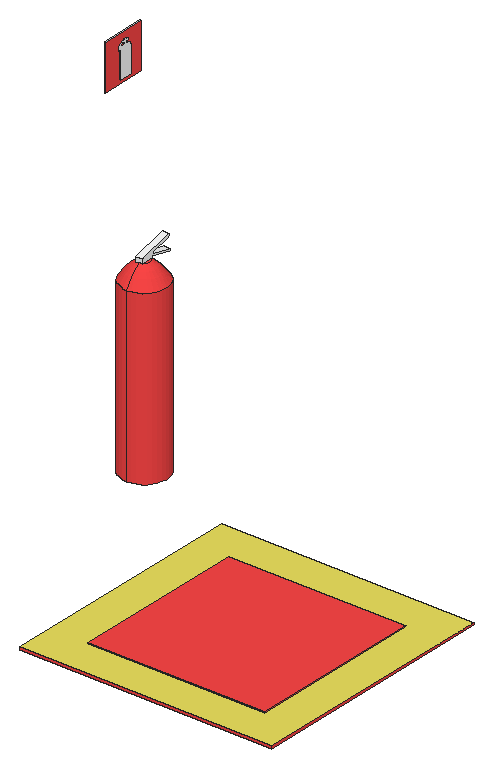
Revit family "Inc_Extintor_CO2", category Security Devices, Revit 2025
Family settings
  Round Connector Dimension = Use Diameter
  Part Type = Normal
  OmniClass Number = 23.40.20.00
  OmniClass Title = General Furniture and Specialties
  Work Plane-Based = No
  Always vertical = Yes
  Cut with Voids When Loaded = No
  Maintain Annotation Orientation = No
  Shared = No
  Room Calculation Point = Yes
Parameters
  Nozzle Finish = Metal - Nystrom - Stainless Steel
  INC_Validade Extintor [instance] = ""
  INC_Tipo de Extintor [instance] = ""
  INC_Classe de Fogo [instance] = ""
  INC_Carga do Extintor [instance] = ""
  INC_Altura Placa [instance] = 1.800335 m
  INC_Altura Extintor [instance] = 0.450 m
  INC_Altura Alça [instance] = 1.200 m
  INC_Agente do Extintor [instance] = ""
  Default Elevation = 0.000 m
  INC_Verificado [instance] = no
  ABNT_Visibilidade Placa [instance] = ""
  ABNT_Codigo de Sinalização [instance] = ""
Reference planes (m)
  plane 1: z = 0
  plane 2 "Eixo_Y": x = 0
  plane 3 "Eixo_X": y = -1.434717
  plane 4: z = 0.45
  plane 5 "Topo": z = 1.2
  plane 6: z = 1.800335
Forms (m)
  Extrusion 1, solid, material "CT_INC_Sinal_Vermelho", detail levels fine
    sketch origin (0.725, -1.104717, 0) x (1, 0, 0) y (0, 1, 0)
      loop
        line (-0.575, 0.02) -> (-0.575, -0.68) -> (0.125, -0.68) -> (0.125, 0.02) -> (-0.575, 0.02)
    from 0 to 0.01
  Extrusion 2, solid, material "CT_INC_Sinal_Vermelho", detail levels fine
    sketch origin (0.725, -1.104717, 0) x (1, 0, 0) y (0, 1, 0)
      loop
        line (-0.725, 0.17) -> (-0.725, -0.83) -> (0.275, -0.83) -> (0.275, 0.17) -> (-0.725, 0.17)
    from 0 to 0.009
  Extrusion 3, solid, detail levels fine
    sketch origin (0.00079, 0.350755, -0.071) x (0, -1, 0) y (0, 0, 1)
      loop
        line (1.752073, 1.996421) -> (1.752073, 1.891139) -> (1.801944, 1.891139) -> (1.801944, 1.996421) -> (1.801944, 2.000577) -> (1.800559, 2.003348) -> (1.797788, 2.006119) -> (1.793632, 2.007504) -> (1.781165, 2.007504) -> (1.781165, 2.017201) -> (1.78726, 2.017201) -> (1.804715, 2.004733) -> (1.804715, 1.996421) -> (1.808871, 1.996421) -> (1.808871, 2.008889) -> (1.789477, 2.024127) -> (1.788438, 2.022742) -> (1.781165, 2.022742) -> (1.781165, 2.025513) -> (1.772853, 2.025513) -> (1.772853, 2.022742) -> (1.767312, 2.022742) -> (1.763156, 2.021357) -> (1.763156, 2.018586) -> (1.767312, 2.017201) -> (1.772853, 2.017201) -> (1.772853, 2.007504) -> (1.761771, 2.007504) -> (1.757615, 2.006119) -> (1.754844, 2.003348) -> (1.753459, 2.000577) -> (1.752073, 1.996421)
    from 0 to -0.01
  Extrusion 4, solid, detail levels fine
    sketch origin (0.00079, 0.350755, -0.071) x (0, -1, 0) y (0, 0, 1)
      loop
        line (1.868458, 2.050314) -> (1.692487, 2.050314) -> (1.692487, 1.871335) -> (1.868458, 1.871335) -> (1.868458, 2.050314)
    from 0 to -0.005
  Revolve 5, solid, material "CT_INC_Extintor"
    sketch origin (0.09329, 0, 0) x (0, 1, 0) y (0, 0, 1)
      loop
        line (-1.434717, 1.2) -> (-1.457966, 1.2)
        spline (-1.457966, 1.2) -> (-1.467126, 1.19419) -> (-1.47508, 1.188171) -> (-1.481971, 1.182066) -> (-1.487943, 1.175999) -> (-1.493139, 1.170093) -> (-1.497702, 1.164471) -> (-1.501782, 1.159222) -> (-1.505575, 1.154172) -> (-1.509298, 1.149022) -> (-1.513168, 1.143475) -> (-1.517402, 1.137234) -> (-1.522217, 1.13)
        line (-1.522217, 1.13) -> (-1.522217, 0.45) -> (-1.434717, 0.45) -> (-1.434717, 1.2)
      axis (-1.434717, 1.2) -> (-1.434717, 0.45)
    angle from 0 to 360
  Extrusion 6, solid, material "Metal - Nystrom - Stainless Steel" <- "Nozzle Finish"
    sketch origin (0.091693, -1.553026, -2.994834) x (0, -1, 0) y (0, 0, -1)
      loop
        line (-0.095059, -4.194834) -> (-0.141557, -4.194834) -> (-0.141557, -4.20317) -> (-0.230479, -4.182641) -> (-0.230479, -4.19003) -> (-0.147721, -4.209136) -> (-0.147721, -4.213375) -> (-0.220556, -4.231535) -> (-0.227316, -4.238295) -> (-0.227316, -4.245318) -> (-0.095059, -4.212343) -> (-0.095059, -4.194834)
    from -0.0127 to 0.0127
Lines and regions (m)
  symbolic lines, style "04 - Combate a Incêndio"
    curve 1: line (0.196648, -1.388387, 0) -> (0.196648, -1.483387, 0)
    curve 2: line (0.096648, -1.388387, 0) -> (0.196648, -1.388387, 0)
    curve 3: line (0.096648, -1.483387, 0) -> (0.096648, -1.388387, 0)
    curve 4: line (0.196648, -1.483387, 0) -> (0.096648, -1.483387, 0)
    curve 5: line (0.45, -1.434717, 0) -> (0, -1.17491, 0)
    curve 6: line (0, -1.17491, 0) -> (0, -1.694525, 0)
    curve 7: line (0, -1.694525, 0) -> (0.45, -1.434717, 0)
Dimensions and locks (m)
  Extrusion 2 to Extrusion 1 to Extrusion 1 to Extrusion 2 = 0.150 m locked, 0.700 m locked, 0.150 m locked
  "INC_Altura Extintor": plane 4 to level
  "INC_Altura Alça": plane 5 "Topo" to level
  "INC_Altura Placa": plane 6 to level
  Extrusion 6 sketch curve to Extrusion 6 sketch curve to Extrusion 6 sketch curve to Extrusion 6 sketch curve to Extrusion 6 sketch curve to Extrusion 6 sketch curve to Extrusion 6 sketch curve to Extrusion 6 sketch curve to Extrusion 6 sketch curve = 0.00676 m, 0.01816 m, 0.001032 m, 0.003207 m, 0.005966 m, 0.008336 m, 0.004804 m, 0.007389 m
  Extrusion 6 sketch curve to Extrusion 6 sketch curve to Extrusion 6 sketch curve to Extrusion 6 sketch curve to Extrusion 6 sketch curve to Extrusion 6 sketch curve = 0.046498 m, 0.006164 m, 0.072835 m, 0.00676 m, 0.003163 m
  aligned and locked: plane 1 to level
Automatic sketch dimensions
  curve 6 to plane 2 "Eixo_Y" = 0.000 m
  plane 3 "Eixo_X" to curve 7 = 0.000 m
  curve 3 to plane 3 "Eixo_X" = 0.04633 m
  curve 3 to plane 2 "Eixo_Y" = 0.096648 m
  curve 2 to curve 2 = 0.100 m
  curve 1 to curve 7 = 0.253352 m
  plane 3 "Eixo_X" to curve 4 = 0.04867 m
  curve 6 to curve 3 = 0.211138 m
  curve 2 to curve 6 = 0.213477 m
  Extrusion 1 sketch curve to plane 2 "Eixo_Y" = 0.150 m
  plane 3 "Eixo_X" to Extrusion 1 sketch curve = 0.350 m
  Extrusion 1 sketch curve to Extrusion 1 sketch curve = 0.700 m
  Extrusion 1 sketch curve to plane 3 "Eixo_X" = 0.350 m
  Extrusion 2 sketch curve to plane 2 "Eixo_Y" = 0.000 m
  Extrusion 2 sketch curve to Extrusion 2 sketch curve = 1.000 m
  plane 3 "Eixo_X" to Extrusion 2 sketch curve = 0.500 m
  Extrusion 2 sketch curve to plane 3 "Eixo_X" = 0.500 m
  Extrusion 3 sketch curve to plane 3 "Eixo_X" = 0.033399 m
  Extrusion 3 sketch curve to Extrusion 3 sketch curve = 0.001385 m  (x7)
  Extrusion 3 sketch curve to Extrusion 3 sketch curve = 0.002771 m  (x8)
  Extrusion 3 sketch curve to Extrusion 3 sketch curve = 0.004156 m  (x9)
  Extrusion 3 sketch curve to Extrusion 3 sketch curve = 0.011082 m
  Extrusion 3 sketch curve to Extrusion 3 sketch curve = 0.000 m  (x5)
  Extrusion 3 sketch curve to plane 3 "Eixo_X" = 0.004307 m  (x2)
  plane 3 "Eixo_X" to Extrusion 3 sketch curve = 0.001788 m
  plane 3 "Eixo_X" to Extrusion 3 sketch curve = 0.002965 m
  Extrusion 3 sketch curve to Extrusion 3 sketch curve = 0.001039 m
  plane 3 "Eixo_X" to Extrusion 3 sketch curve = 0.00816 m
  plane 3 "Eixo_X" to Extrusion 3 sketch curve = 0.016472 m
  plane 6 to Extrusion 3 sketch curve = 0.019804 m
  Extrusion 3 sketch curve to Extrusion 3 sketch curve = 0.105283 m
  Extrusion 3 sketch curve to Extrusion 3 sketch curve = 0.009697 m
  Extrusion 3 sketch curve to Extrusion 3 sketch curve = 0.005541 m  (x2)
  Extrusion 4 sketch curve to plane 6 = 0.000 m
  Extrusion 4 sketch curve to plane 3 "Eixo_X" = 0.092986 m
  plane 3 "Eixo_X" to Extrusion 4 sketch curve = 0.082986 m
  plane 6 to Extrusion 4 sketch curve = 0.178979 m
  Revolve 5 sketch curve to plane 4 = 0.000 m  (x2)
  Revolve 5 sketch curve to plane 5 "Topo" = 0.000 m  (x2)
  Revolve 5 sketch curve to plane 3 "Eixo_X" = 0.000 m  (x2)
  Revolve 5 sketch curve to Revolve 5 sketch curve = 0.023249 m
  Revolve 5 sketch curve to Revolve 5 sketch curve = 0.0875 m
  Revolve 5 sketch curve to plane 5 "Topo" = 0.070 m
  Extrusion 6 sketch curve to plane 5 "Topo" = 0.000 m
  Extrusion 6 sketch curve to plane 3 "Eixo_X" = 0.112171 m
  Extrusion 6 sketch curve to Extrusion 6 sketch curve = 0.007023 m
